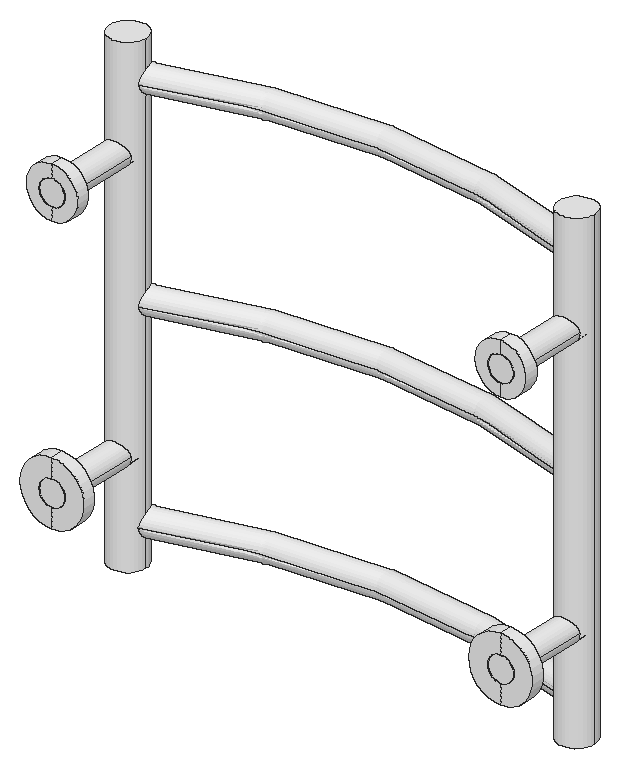
Revit family "LC-3", category Generic Models, host Wall, Revit 2017
Family settings
  Host = Wall
  Can host rebar = No
  Round Connector Dimension = Use Diameter
  Part Type = Normal
  Always vertical = Yes
  Cut with Voids When Loaded = No
  Shared = No
  Room Calculation Point = No
Parameters (values of type "350")
  URL = "http://www.sentakia.com/tuote/ls-3-350-kromi/"
  Teho = "kromi: 45 W maalattu: 58 W"
  Sentakia_Material_Default = Steel Chrome plated_sentakia
  RAL-väri [instance] = no
  RAL-koodi [instance] = ""
  Model = "LC-3/350"
  Materiaali = "kromattu messinki (CuZn36As)"
  Manufacturer = "Sentakia Oy"
  Leveys = 350 mm
  LVI = "5489936"
  Keynote = "6120"
  Kenkäkoukkupari [instance] = no
  Height = 370 mm  # constant formula
  ELO-600 kromi [instance] = no
  EAN = "4770046007559"
  Depth = 88 mm  # constant formula
  Assembly Code = ""
  2-osainen koukku pitkä [instance] = no
  2-osainen koukku lyhyt [instance] = no
Types (3, lengths in mm): name | URL | Teho | Model | Leveys | LVI | EAN
  350 | "http://www.sentakia.com/tuote/ls-3-350-kromi/" | "kromi: 45 W maalattu: 58 W" | "LC-3/350" | 350 | "5489936" | "4770046007559"
  500 | "http//:www.sentakia.com" | "kromi: 55 W maalattu: 71 W" | "LC-3/500" | 500 | "5489937" | "4770046005777"
  600 | "http://www.sentakia.com/vesikiertoiset-pyyhekuivaimet/" | "58 W" | "LC-3/600" | 600 | "5489938" | "4770046005692"
Reference planes
  plane 1 "Wall": y = 0
  plane 2 "Center (Left/Right)": x = 125
  plane 3 "Back": y = 75
  plane 4: z = 1870
  plane 5: z = 1500
  plane 6: y = 163
  plane 7: y = 135
  plane 8 "Center of lower handler": z = 1580
  plane 9: z = 1790
  plane 10: z = 1780
  plane 11: z = 1590
  plane 12: z = 1570
  plane 13 "r": x = 300
  plane 14 "l": x = -50
  plane 15: y = 149
  plane 16: y = 159
  plane 17: y = 139
  plane 18: z = 1840
  plane 19: z = 1685
  plane 20: z = 1530
  plane 21: y = 215
Forms (mm)
  Extrusion 1, solid, material "Steel Chrome plated_sentakia" <- "Sentakia_Material_Default", detail levels medium+fine
    sketch origin (0, 0, 0) x (1, 0, 0) y (0, 0, 1)
      loop
        circle (300, 1580) r 10
    from -149 to -75
  Extrusion 2, solid, material "Steel Chrome plated_sentakia" <- "Sentakia_Material_Default", detail levels medium+fine
    sketch origin (0, 0, 0) x (1, 0, 0) y (0, 0, 1)
      loop
        circle (-50, 1580) r 10
    from -149 to -75
  Extrusion 3, solid, material "Steel Chrome plated_sentakia" <- "Sentakia_Material_Default", detail levels medium+fine
    sketch origin (0, 0, 310) x (1, 0, 0) y (0, 0, 1)
      loop
        circle (-50, 1480) r 10
    from -149 to -75
  Extrusion 4, solid, material "Steel Chrome plated_sentakia" <- "Sentakia_Material_Default", detail levels medium+fine
    sketch origin (0, 0, 0) x (1, 0, 0) y (0, 1, 0)
      loop
        circle (-50, 149) r 14
    from 1500 to 1870
  Extrusion 5, solid, material "Steel Chrome plated_sentakia" <- "Sentakia_Material_Default", detail levels medium+fine
    sketch origin (0, 0, 0) x (1, 0, 0) y (0, 1, 0)
      loop
        circle (300, 149) r 14
    from 1500 to 1870
  Revolve 6, solid, material "Steel Chrome plated_sentakia" <- "Sentakia_Material_Default", detail levels medium+fine
    sketch origin (300, 0, 0) x (0, 0, 1) y (0, 1, 0)
      loop
        line (1800, 75) -> (1810, 75) -> (1810, 85) -> (1800, 85) -> (1800, 75)
      axis (1790, 75) -> (1790, 85)
    angle from 0 to 360
  Revolve 7, solid, material "Steel Chrome plated_sentakia" <- "Sentakia_Material_Default", detail levels medium+fine
    sketch origin (-50, 0, 0) x (0, 0, 1) y (0, 1, 0)
      loop
        line (1800, 75) -> (1810, 75) -> (1810, 85) -> (1800, 85) -> (1800, 75)
      axis (1790, 75) -> (1790, 85)
    angle from 0 to 360
  Extrusion 8, solid, material "Steel Chrome plated_sentakia" <- "Sentakia_Material_Default", detail levels medium+fine
    sketch origin (0, 0, 0) x (1, 0, 0) y (0, 0, 1)
      loop
        circle (300, 1790) r 10
    from -149 to -75
  Extrusion 9, solid, material "Steel Chrome plated_sentakia" <- "Sentakia_Material_Default", detail levels coarse
    sketch origin (125, 0, 0) x (0, 1, 0) y (0, 0, 1)
      loop
        line (215, 1870) -> (75, 1870) -> (75, 1500) -> (215, 1500) -> (215, 1870)
    from -175 to 175
  Sweep 10, solid, material "Steel Chrome plated_sentakia" <- "Sentakia_Material_Default", detail levels medium+fine
    path origin (0, 0, 0) x (1, 0, 0) y (0, 1, 0)
      loop
        arc (-50, 149) -> (125, 182.49) -> (300, 149) r 473.975
    profile origin (125, 182.49, 0) x (0, 1, 0) y (0, 0, 1)
      loop
        circle (0, 1530) r 10
  Sweep 11, solid, material "Steel Chrome plated_sentakia" <- "Sentakia_Material_Default", detail levels medium+fine
    path origin (0, 0, 160) x (1, 0, 0) y (0, 1, 0)
      loop
        arc (-50, 149) -> (125, 182.49) -> (300, 149) r 473.975
    profile origin (125, 182.49, 160) x (0, 1, 0) y (0, 0, 1)
      loop
        circle (0, 1525) r 10
  Sweep 12, solid, material "Steel Chrome plated_sentakia" <- "Sentakia_Material_Default", detail levels medium+fine
    path origin (0, 0, 320) x (1, 0, 0) y (0, 1, 0)
      loop
        arc (-50, 149) -> (125, 182.49) -> (300, 149) r 473.975
    profile origin (125, 182.49, 320) x (0, 1, 0) y (0, 0, 1)
      loop
        circle (0, 1520) r 10
  Revolve 13, solid, material "Steel Chrome plated_sentakia" <- "Sentakia_Material_Default", detail levels medium+fine
    sketch origin (300, 0, 0) x (0, 0, 1) y (0, 1, 0)
      loop
        line (1590, 75) -> (1605, 75) -> (1605, 85) -> (1590, 85) -> (1590, 75)
      axis (1580, 75) -> (1580, 85)
    angle from 0 to 360
  Revolve 14, solid, material "Steel Chrome plated_sentakia" <- "Sentakia_Material_Default", detail levels medium+fine
    sketch origin (-50, 225, 2262.765) x (0, 0, 1) y (0, 1, 0)
      loop
        line (-672.765, -150) -> (-657.765, -150) -> (-657.765, -140) -> (-672.765, -140) -> (-672.765, -150)
      axis (-682.765, -150) -> (-682.765, -140)
    angle from 0 to 360
Cuts and joins
  joined: Extrusion 4, Extrusion 5, Sweep 10, Sweep 11, Sweep 12
Text (mm)
  text "Placement Side" at (-1848.837, 1116.779, 0), in view "Ref. Level"
  text "Placement side" at (0, 1409.804, 2854.306), in view "Left"
  text "Placement side" at (0, 499.811, 2980.732), in view "Right"
Dimensions and locks
  locked: plane 3 "Back" to host wall
  "Depth": plane 6 to host wall
  locked: plane 6 to plane 7 at 28
  "Leveys": plane 14 "l" to plane 13 "r"
  plane 9 to level = 1790 mm
  locked: host wall to plane 15 at 74
  locked: plane 16 to plane 17 at 20
  locked: plane 5 to plane 8 "Center of lower handler" at 80
  locked: plane 4 to plane 9 at 80
  equal spacing: plane 9, plane 19, plane 8 "Center of lower handler"
  equal spacing: plane 14 "l", plane 2 "Center (Left/Right)", plane 13 "r"
  "Height": plane 5 to plane 4
  plane 9 to plane 4 = 80 mm
  plane 5 to plane 8 "Center of lower handler" = 80 mm
  aligned and locked: plane 1 "Wall" to host wall
  aligned and locked: Extrusion 1 to host wall
  aligned and locked: Extrusion 2 to host wall
  aligned and locked: Extrusion 3 to host wall
  aligned and locked: Extrusion 2 to plane 15
  aligned and locked: Extrusion 1 to Extrusion 2
  aligned and locked: plane 4 to Extrusion 4
  aligned and locked: Extrusion 4 to plane 5
  aligned and locked: plane 4 to Extrusion 5
  aligned and locked: Extrusion 5 to plane 5
  aligned and locked: Revolve 6 sketch curve to plane 9
  aligned and locked: Revolve 7 sketch curve to plane 9
  aligned and locked: Extrusion 8 to host wall
  aligned and locked: plane 14 "l" to Extrusion 3 sketch curve
  aligned and locked: plane 13 "r" to Extrusion 8 sketch curve
  aligned and locked: plane 9 to Extrusion 8 sketch curve
  aligned and locked: Extrusion 3 to Extrusion 8
  aligned and locked: Extrusion 8 to plane 15
  aligned and locked: Extrusion 9 sketch curve to cut or joined group of Extrusion 4, Extrusion 5, Sweep 10, Sweep 11, Sweep 12
  aligned and locked: Extrusion 9 sketch curve to plane 5
  aligned and locked: Extrusion 9 sketch curve to host wall
  aligned and locked: plane 21 to Extrusion 9
  aligned and locked: Extrusion 9 to plane 13 "r"
  aligned and locked: plane 14 "l" to Extrusion 9
  aligned and locked: plane 19 to Sweep 11 sketch curve
  aligned and locked: plane 20 to Sweep 10 sketch curve
  aligned and locked: plane 18 to Sweep 12 sketch curve
Automatic sketch dimensions
  Extrusion 1 sketch curve to plane 8 "Center of lower handler" = 0 mm
  plane 13 "r" to Extrusion 1 sketch curve = 0 mm
  Extrusion 2 sketch curve to plane 8 "Center of lower handler" = 0 mm
  plane 14 "l" to Extrusion 2 sketch curve = 0 mm
  Extrusion 3 sketch curve to plane 9 = 0 mm
  Extrusion 4 sketch curve to plane 14 "l" = 0 mm
  plane 15 to Extrusion 4 sketch curve = 0 mm
  Extrusion 5 sketch curve to plane 13 "r" = 0 mm
  plane 15 to Extrusion 5 sketch curve = 0 mm
  Revolve 6 sketch curve to host wall = 0 mm  (x2)
  plane 9 to Revolve 6 sketch curve = 10 mm
  Revolve 6 sketch curve to Revolve 6 sketch curve = 10 mm
  host wall to Revolve 6 sketch curve = 10 mm
  plane 7 to Revolve 6 sketch curve = 20 mm
  Revolve 7 sketch curve to host wall = 0 mm  (x2)
  Revolve 7 sketch curve to Revolve 7 sketch curve = 10 mm  (x2)
  host wall to Revolve 7 sketch curve = 10 mm
  plane 7 to Revolve 7 sketch curve = 20 mm
  Extrusion 9 sketch curve to plane 21 = 0 mm
  Sweep 10 sketch curve to plane 14 "l" = 0 mm
  Sweep 10 sketch curve to plane 2 "Center (Left/Right)" = 0 mm
  Sweep 10 sketch curve to plane 13 "r" = 0 mm
  plane 15 to Sweep 10 sketch curve = 0 mm
  plane 1 "Wall" to Sweep 10 sketch curve = 291.485 mm
  Sweep 10 sketch curve to profile plane = 0 mm
  Sweep 11 sketch curve to plane 14 "l" = 0 mm
  Sweep 11 sketch curve to plane 2 "Center (Left/Right)" = 0 mm
  Sweep 11 sketch curve to plane 13 "r" = 0 mm
  plane 15 to Sweep 11 sketch curve = 0 mm
  plane 1 "Wall" to Sweep 11 sketch curve = 291.485 mm
  Sweep 11 sketch curve to profile plane = 0 mm
  Sweep 12 sketch curve to plane 14 "l" = 0 mm
  Sweep 12 sketch curve to plane 2 "Center (Left/Right)" = 0 mm
  Sweep 12 sketch curve to plane 13 "r" = 0 mm
  plane 15 to Sweep 12 sketch curve = 0 mm
  plane 1 "Wall" to Sweep 12 sketch curve = 291.485 mm
  Sweep 12 sketch curve to profile plane = 0 mm
  Revolve 13 sketch curve to host wall = 0 mm  (x2)
  Revolve 13 sketch curve to plane 8 "Center of lower handler" = 0 mm
  plane 8 "Center of lower handler" to Revolve 13 sketch curve = 10 mm
  Revolve 13 sketch curve to Revolve 13 sketch curve = 15 mm
  Revolve 13 sketch curve to Revolve 13 sketch curve = 10 mm
  plane 7 to Revolve 13 sketch curve = 10 mm
  Revolve 14 sketch curve to host wall = 0 mm  (x2)
  Revolve 14 sketch curve to plane 8 "Center of lower handler" = 0 mm
  plane 8 "Center of lower handler" to Revolve 14 sketch curve = 10 mm
  Revolve 14 sketch curve to Revolve 14 sketch curve = 15 mm
  Revolve 14 sketch curve to Revolve 14 sketch curve = 10 mm
  plane 7 to Revolve 14 sketch curve = 10 mm
  radius of Extrusion 1 sketch curve = 10 mm
  radius of Extrusion 2 sketch curve = 10 mm
  radius of Extrusion 3 sketch curve = 10 mm
  radius of Extrusion 4 sketch curve = 14 mm
  radius of Extrusion 5 sketch curve = 14 mm
  radius of Extrusion 8 sketch curve = 10 mm
  radius of Sweep 10 sketch curve = 10 mm
  radius of Sweep 11 sketch curve = 10 mm
  radius of Sweep 12 sketch curve = 10 mm
Connectors
  piping at (300, 75, 1580), diameter 12
    settings: on Extrusion 1, index 1, connector inside diameter 609.6 mm, connector length 0 mm, flow factor 0, pipe flow 0.0 L/s, pressure drop 0.0 Pa, fitting loss kfactor 0, connector angle 0.00°, fixture units 0, engagement length 0 mm, angle of deflection 0.00°, flow configuration 0, flow direction 0, fitting loss method 0, system type 22, joint type 0, gender type 0, connector reference index -1, connector utility 0, adjustable connector no, is connector primary yes, connector description ""
  piping at (300, 75, 1580), diameter 12
    settings: on Extrusion 1, index 2, connector inside diameter 609.6 mm, connector length 0 mm, flow factor 0, pipe flow 0.0 L/s, pressure drop 0.0 Pa, fitting loss kfactor 0, connector angle 0.00°, fixture units 0, engagement length 0 mm, angle of deflection 0.00°, flow configuration 0, flow direction 0, fitting loss method 0, system type 22, joint type 0, gender type 0, connector reference index -1, connector utility 0, adjustable connector no, is connector primary no, connector description ""
  piping at (-50, 75, 1580), diameter 12
    settings: on Extrusion 2, index 3, connector inside diameter 609.6 mm, connector length 0 mm, flow factor 0, pipe flow 0.0 L/s, pressure drop 0.0 Pa, fitting loss kfactor 0, connector angle 0.00°, fixture units 0, engagement length 0 mm, angle of deflection 0.00°, flow configuration 0, flow direction 0, fitting loss method 0, system type 22, joint type 0, gender type 0, connector reference index -1, connector utility 0, adjustable connector no, is connector primary no, connector description ""
